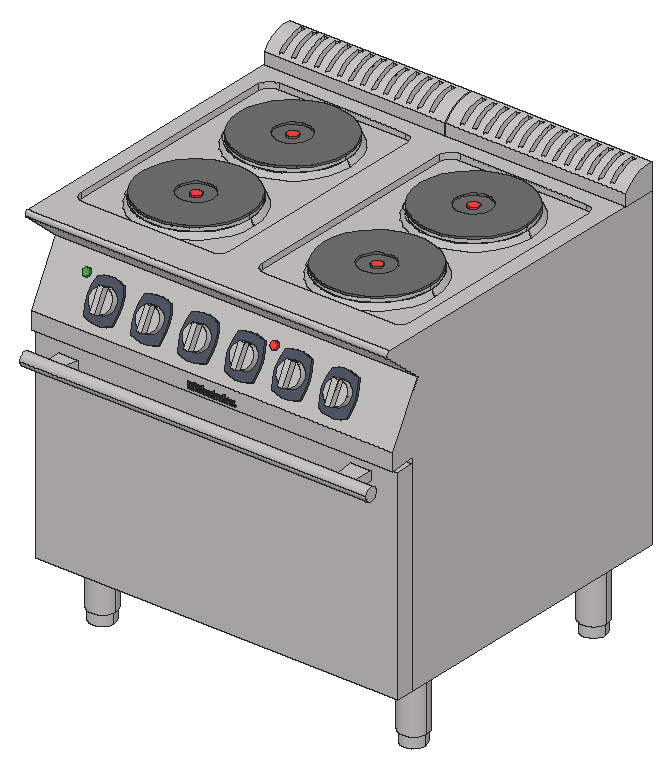
Revit family "QF_ELECTROLUXPROFESSIONAL_371016_E7ECEH4RE0", category Specialty Equipment, Revit 2018 (continued)
Automatic sketch dimensions
  Extrusion 10 sketch curve to Extrusion 10 sketch curve = 2.51 mm
  Extrusion 10 sketch curve to Extrusion 10 sketch curve = 0.187 mm
  Extrusion 10 sketch curve to Extrusion 10 sketch curve = 2.559 mm
  Extrusion 10 sketch curve to Extrusion 10 sketch curve = 1.556 mm
  Extrusion 10 sketch curve to Extrusion 10 sketch curve = 0.222 mm
  Extrusion 10 sketch curve to Extrusion 10 sketch curve = 1.383 mm
  Extrusion 10 sketch curve to Extrusion 10 sketch curve = 3.114 mm
  Extrusion 10 sketch curve to Extrusion 10 sketch curve = 3.376 mm
  Extrusion 10 sketch curve to Extrusion 10 sketch curve = 0.934 mm
  Extrusion 10 sketch curve to Extrusion 10 sketch curve = 0.191 mm
  Extrusion 10 sketch curve to Extrusion 10 sketch curve = 3.696 mm
  Extrusion 10 sketch curve to Extrusion 10 sketch curve = 2.708 mm
  Extrusion 10 sketch curve to Extrusion 10 sketch curve = 3.333 mm
  Extrusion 10 sketch curve to Extrusion 10 sketch curve = 0.332 mm
  Extrusion 10 sketch curve to Extrusion 10 sketch curve = 1.087 mm
  Extrusion 10 sketch curve to Extrusion 10 sketch curve = 2.23 mm
  Extrusion 10 sketch curve to Extrusion 10 sketch curve = 2.757 mm
  Extrusion 10 sketch curve to Extrusion 10 sketch curve = 0.987 mm
  Extrusion 10 sketch curve to Extrusion 10 sketch curve = 1.529 mm
  Extrusion 10 sketch curve to Extrusion 10 sketch curve = 1.796 mm
  Extrusion 10 sketch curve to Extrusion 10 sketch curve = 2.859 mm
  Extrusion 10 sketch curve to Extrusion 10 sketch curve = 0.853 mm
  Extrusion 10 sketch curve to Extrusion 10 sketch curve = 1.241 mm
  Extrusion 10 sketch curve to Extrusion 10 sketch curve = 2.046 mm  (x2)
  Extrusion 10 sketch curve to Extrusion 10 sketch curve = 2.422 mm
  Extrusion 10 sketch curve to Extrusion 10 sketch curve = 0.27 mm  (x2)
  Extrusion 10 sketch curve to Extrusion 10 sketch curve = 0.69 mm
  Extrusion 10 sketch curve to Extrusion 10 sketch curve = 0.781 mm  (x2)
  Extrusion 10 sketch curve to Extrusion 10 sketch curve = 3.136 mm
  Extrusion 10 sketch curve to Extrusion 10 sketch curve = 1.767 mm
  Extrusion 10 sketch curve to Extrusion 10 sketch curve = 0.138 mm
  Extrusion 10 sketch curve to Extrusion 10 sketch curve = 0.777 mm
  Extrusion 10 sketch curve to Extrusion 10 sketch curve = 1.19 mm
  Extrusion 10 sketch curve to Extrusion 10 sketch curve = 0.782 mm
  Extrusion 10 sketch curve to Extrusion 10 sketch curve = 1.268 mm
  Extrusion 10 sketch curve to Extrusion 10 sketch curve = 0.422 mm  (x2)
  Extrusion 10 sketch curve to Extrusion 10 sketch curve = 1.559 mm
  Extrusion 10 sketch curve to Extrusion 10 sketch curve = 3.927 mm
  Extrusion 10 sketch curve to Extrusion 10 sketch curve = 0.983 mm
  Extrusion 10 sketch curve to Extrusion 10 sketch curve = 1.134 mm
  Extrusion 10 sketch curve to Extrusion 10 sketch curve = 0.094 mm
  Extrusion 10 sketch curve to Extrusion 10 sketch curve = 1.584 mm
  Extrusion 10 sketch curve to plane 7 "Center Y" = 1.327 mm
  Extrusion 10 sketch curve to Extrusion 10 sketch curve = 0.643 mm
  Extrusion 10 sketch curve to Extrusion 10 sketch curve = 0.916 mm
  Extrusion 10 sketch curve to Extrusion 10 sketch curve = 0.352 mm
  Extrusion 10 sketch curve to Extrusion 10 sketch curve = 0.458 mm
  Extrusion 10 sketch curve to Extrusion 10 sketch curve = 1.282 mm
  Extrusion 10 sketch curve to Extrusion 10 sketch curve = 1.363 mm
  Extrusion 10 sketch curve to Extrusion 10 sketch curve = 0.685 mm
  Extrusion 10 sketch curve to Extrusion 10 sketch curve = 0.905 mm
  Extrusion 10 sketch curve to Extrusion 10 sketch curve = 2.865 mm
  Extrusion 10 sketch curve to Extrusion 10 sketch curve = 0.472 mm
  Extrusion 10 sketch curve to Extrusion 10 sketch curve = 0.101 mm
  Extrusion 10 sketch curve to Extrusion 10 sketch curve = 0.54 mm
  Extrusion 10 sketch curve to Extrusion 10 sketch curve = 0.02 mm
  Extrusion 10 sketch curve to Extrusion 10 sketch curve = 0.468 mm
  Extrusion 10 sketch curve to Extrusion 10 sketch curve = 0.829 mm
  Extrusion 10 sketch curve to Extrusion 10 sketch curve = 0.582 mm
  Extrusion 10 sketch curve to Extrusion 10 sketch curve = 0.166 mm
  Extrusion 10 sketch curve to Extrusion 10 sketch curve = 0.16 mm
  Extrusion 10 sketch curve to Extrusion 10 sketch curve = 2.781 mm
  Extrusion 10 sketch curve to Extrusion 10 sketch curve = 1.118 mm
  Extrusion 10 sketch curve to Extrusion 10 sketch curve = 0.613 mm
  Extrusion 10 sketch curve to Extrusion 10 sketch curve = 0.361 mm
  Extrusion 10 sketch curve to Extrusion 10 sketch curve = 0.897 mm
  Extrusion 10 sketch curve to Extrusion 10 sketch curve = 0.167 mm
  Extrusion 10 sketch curve to Extrusion 10 sketch curve = 0.292 mm
  Extrusion 10 sketch curve to Extrusion 10 sketch curve = 0.305 mm
  Extrusion 10 sketch curve to Extrusion 10 sketch curve = 1.557 mm
  Extrusion 10 sketch curve to Extrusion 10 sketch curve = 2.499 mm
  Extrusion 10 sketch curve to Extrusion 10 sketch curve = 3.062 mm
  Extrusion 10 sketch curve to Extrusion 10 sketch curve = 2.968 mm
  Extrusion 10 sketch curve to Extrusion 10 sketch curve = 5.044 mm
  Extrusion 10 sketch curve to Extrusion 10 sketch curve = 0.629 mm  (x2)
  Extrusion 10 sketch curve to Extrusion 10 sketch curve = 1.131 mm
  Extrusion 10 sketch curve to Extrusion 10 sketch curve = 0.027 mm
  Extrusion 10 sketch curve to Extrusion 10 sketch curve = 2.235 mm
  Extrusion 1 sketch curve to plane 5 "FRONT" = 83.331 mm
  Extrusion 16 sketch curve to plane 10 = 0 mm
  Extrusion 16 sketch curve to plane 5 "FRONT" = 30.162 mm
  plane 10 to Extrusion 16 sketch curve = 1.281 mm
  plane 5 "FRONT" to Extrusion 16 sketch curve = 379.413 mm
  Extrusion 1 sketch curve to Extrusion 1 sketch curve = 159.719 mm
  Extrusion 1 sketch curve to Extrusion 1 sketch curve = 5.61 mm
  Extrusion 8 sketch curve to plane 9 "TOP A" = 276.291 mm
  plane 7 "Center Y" to Extrusion 10 sketch curve = 19.326 mm
  Extrusion 10 sketch curve to plane 9 "TOP A" = 240.749 mm
  Extrusion 10 sketch curve to Extrusion 10 sketch curve = 0.019 mm
  Extrusion 10 sketch curve to Extrusion 10 sketch curve = 4.098 mm
  Extrusion 16 sketch curve to Extrusion 16 sketch curve = 42.109 mm
  plane 5 "FRONT" to Extrusion 2 sketch curve = 0 mm  (x2)
  plane 1 "BACK" to Extrusion 2 sketch curve = 0 mm
  Extrusion 2 sketch curve to plane 3 "LEFT" = 0 mm
  Extrusion 2 sketch curve to plane 4 "RIGHT" = 0 mm
  Extrusion 2 sketch curve to plane 3 "LEFT" = 150.019 mm
  plane 4 "RIGHT" to Extrusion 2 sketch curve = 150.019 mm
  Extrusion 2 sketch curve to plane 1 "BACK" = 150.019 mm
  curve 6 to plane 4 "RIGHT" = 0 mm
  plane 5 "FRONT" to curve 20 = 0 mm
  curve 38 to plane 7 "Center Y" = 0 mm
  curve 16 to plane 7 "Center Y" = 0 mm
  curve 11 to plane 3 "LEFT" = 0 mm
  curve 7 to plane 3 "LEFT" = 0 mm
  plane 1 "BACK" to curve 6 = 0 mm
  plane 4 "RIGHT" to curve 3 = 150.019 mm
  plane 5 "FRONT" to curve 17 = 8.513 mm
  curve 17 to plane 4 "RIGHT" = 17.7 mm
  plane 1 "BACK" to curve 96 = 6.761 mm
  curve 96 to plane 4 "RIGHT" = 29.703 mm
  curve 32 to plane 4 "RIGHT" = 35.025 mm
  curve 95 to curve 95 = 9.296 mm
  plane 1 "BACK" to curve 99 = 6.761 mm
  curve 95 to curve 99 = 16.193 mm
  curve 33 to curve 33 = 25.4 mm
  curve 31 to curve 30 = 25.4 mm
  curve 15 to curve 20 = 43.281 mm
  curve 100 to curve 101 = 9.296 mm
  curve 101 to curve 105 = 16.193 mm
  curve 104 to curve 105 = 9.296 mm
  curve 20 to curve 21 = 36.854 mm
  curve 21 to curve 21 = 1.571 mm
  plane 1 "BACK" to curve 107 = 6.761 mm
  curve 103 to curve 107 = 16.193 mm
  curve 108 to curve 109 = 9.296 mm
  plane 1 "BACK" to curve 111 = 6.761 mm
  curve 107 to curve 111 = 16.193 mm
  curve 111 to curve 114 = 9.296 mm
  plane 1 "BACK" to curve 115 = 6.761 mm
  curve 111 to curve 115 = 16.193 mm
  curve 115 to curve 115 = 9.296 mm
  plane 1 "BACK" to curve 119 = 6.761 mm
  curve 115 to curve 119 = 16.193 mm
  curve 119 to curve 119 = 9.296 mm
  plane 1 "BACK" to curve 123 = 6.761 mm
  curve 119 to curve 123 = 16.193 mm
  curve 123 to curve 123 = 9.296 mm
  curve 125 to curve 128 = 16.193 mm
  curve 128 to curve 129 = 9.296 mm
  curve 129 to curve 133 = 16.193 mm
  curve 132 to curve 133 = 9.296 mm
  plane 1 "BACK" to curve 135 = 6.761 mm
  curve 131 to curve 135 = 16.193 mm
  curve 135 to curve 138 = 9.296 mm
  curve 137 to curve 141 = 16.193 mm
  curve 140 to curve 141 = 9.296 mm
  curve 141 to curve 144 = 16.193 mm
  curve 144 to curve 37 = 4.062 mm
  plane 7 "Center Y" to curve 34 = 60.425 mm
  curve 143 to curve 143 = 9.296 mm
  plane 1 "BACK" to curve 147 = 6.761 mm
  curve 143 to curve 147 = 16.193 mm
  curve 35 to curve 35 = 25.4 mm
  curve 148 to curve 150 = 9.296 mm
  plane 1 "BACK" to curve 91 = 6.761 mm
  curve 91 to plane 7 "Center Y" = 29.703 mm
  curve 24 to plane 7 "Center Y" = 35.025 mm
  curve 91 to curve 91 = 9.296 mm
  plane 1 "BACK" to curve 90 = 6.761 mm
  curve 91 to curve 90 = 16.193 mm
  curve 23 to curve 23 = 25.4 mm
  curve 25 to curve 25 = 25.4 mm
  curve 89 to curve 89 = 9.296 mm
  plane 1 "BACK" to curve 83 = 6.761 mm
  curve 87 to curve 83 = 16.193 mm
  curve 85 to curve 85 = 9.296 mm
  plane 1 "BACK" to curve 79 = 6.761 mm
  curve 83 to curve 79 = 16.193 mm
  curve 79 to curve 80 = 9.296 mm
  plane 1 "BACK" to curve 78 = 6.761 mm
  curve 79 to curve 78 = 16.193 mm
  curve 75 to curve 76 = 9.296 mm
  curve 76 to curve 73 = 16.193 mm
  curve 71 to curve 72 = 9.296 mm
  curve 72 to curve 70 = 16.193 mm
  curve 69 to curve 68 = 9.296 mm
  curve 68 to curve 66 = 16.193 mm
  curve 65 to curve 64 = 9.296 mm
  curve 64 to curve 62 = 16.193 mm
  curve 61 to curve 60 = 9.296 mm
  plane 1 "BACK" to curve 58 = 6.761 mm
  curve 59 to curve 58 = 16.193 mm
  curve 57 to curve 56 = 9.296 mm
  plane 1 "BACK" to curve 54 = 6.761 mm
  curve 55 to curve 54 = 16.193 mm
  curve 53 to curve 52 = 9.296 mm
  curve 19 to curve 5 = 99.406 mm
  curve 19 to curve 19 = 1.571 mm
  plane 1 "BACK" to curve 50 = 6.761 mm
  curve 51 to curve 50 = 16.193 mm
  curve 47 to curve 47 = 9.296 mm
  curve 48 to curve 46 = 16.193 mm
  curve 19 to curve 18 = 36.854 mm
  curve 45 to curve 29 = 4.062 mm
  plane 3 "LEFT" to curve 26 = 60.425 mm
  curve 45 to curve 44 = 9.296 mm
  curve 44 to curve 41 = 16.193 mm
  curve 27 to curve 27 = 25.4 mm
  curve 41 to curve 41 = 9.296 mm
  plane 3 "LEFT" to curve 17 = 17.7 mm
  plane 5 "FRONT" to curve 1 = 1.377 mm
  curve 1 to plane 3 "LEFT" = 150.019 mm
  curve 1 to plane 1 "BACK" = 150.019 mm
  plane 1 "BACK" to curve 146 = 6.761 mm
  plane 1 "BACK" to curve 142 = 6.761 mm
  plane 1 "BACK" to curve 134 = 6.761 mm
  plane 1 "BACK" to curve 130 = 6.761 mm
  plane 1 "BACK" to curve 106 = 6.761 mm
  plane 1 "BACK" to curve 39 = 6.761 mm
  plane 1 "BACK" to curve 74 = 6.761 mm
  plane 1 "BACK" to curve 43 = 6.761 mm
  plane 1 "BACK" to curve 70 = 6.761 mm
  plane 1 "BACK" to curve 66 = 6.761 mm
  plane 1 "BACK" to curve 62 = 6.761 mm
  curve 38 to curve 16 = 63.012 mm
  curve 4 to curve 7 = 63.012 mm
  curve 55 to curve 58 = 57.15 mm
  curve 54 to curve 56 = 0 mm
  curve 57 to curve 60 = 0 mm
  curve 50 to curve 52 = 0 mm
  curve 61 to curve 64 = 0 mm
  curve 46 to curve 48 = 0 mm
  curve 65 to curve 68 = 0 mm
  curve 42 to curve 44 = 0 mm
  curve 69 to curve 72 = 0 mm
  curve 16 to curve 149 = 0.898 mm
  curve 73 to curve 76 = 0 mm
  curve 148 to curve 146 = 0 mm
  curve 77 to curve 80 = 0 mm
  curve 144 to curve 142 = 0 mm
  curve 81 to curve 84 = 0 mm
  curve 140 to curve 138 = 0 mm
  curve 85 to curve 88 = 0 mm
  curve 136 to curve 134 = 0 mm
  curve 89 to curve 92 = 0 mm
  curve 132 to curve 130 = 0 mm
  curve 95 to curve 96 = 57.15 mm
  curve 100 to curve 97 = 0 mm
  curve 128 to curve 126 = 0 mm
  curve 104 to curve 101 = 0 mm
  curve 124 to curve 122 = 0 mm
  curve 108 to curve 105 = 0 mm
  curve 120 to curve 118 = 0 mm
  curve 112 to curve 109 = 0 mm
  curve 96 to curve 9 = 5.939 mm
  curve 7 to curve 9 = 0 mm
  curve 144 to curve 30 = 40.974 mm
  curve 45 to curve 22 = 40.974 mm
  curve 28 to plane 5 "FRONT" = 110.765 mm
  curve 24 to curve 36 = 0 mm
  plane 5 "FRONT" to curve 3 = 1.377 mm
  curve 15 to curve 15 = 28 mm
  curve 14 to curve 11 = 342.9 mm
  Revolve 4 sketch curve to level = 0 mm
  Revolve 4 sketch curve to plane 10 = 0 mm  (x2)
  level to Revolve 4 sketch curve = 25 mm
  Revolve 4 sketch curve to Revolve 4 sketch curve = 20 mm
  Revolve 4 sketch curve to plane 4 "RIGHT" = 26 mm
  Revolve 4 sketch curve to Revolve 4 sketch curve = 3.75 mm
  Revolve 4 sketch curve to Revolve 4 sketch curve = 30 mm
  Revolve 4 sketch curve to Revolve 4 sketch curve = 0 mm
  Revolve 6 sketch curve to level = 0 mm
  Revolve 6 sketch curve to plane 10 = 0 mm  (x2)
  level to Revolve 6 sketch curve = 25 mm
  plane 10 to Revolve 6 sketch curve = 20 mm
  Revolve 6 sketch curve to plane 4 "RIGHT" = 26 mm
  Revolve 6 sketch curve to Revolve 6 sketch curve = 3.75 mm
  Revolve 6 sketch curve to Revolve 6 sketch curve = 30 mm
  Revolve 6 sketch curve to Revolve 6 sketch curve = 0 mm
  Extrusion 9 sketch curve to plane 5 "FRONT" = 30.162 mm
  Extrusion 9 sketch curve to plane 4 "RIGHT" = 60.981 mm
  Extrusion 9 sketch curve to Extrusion 9 sketch curve = 33.993 mm
  Extrusion 9 sketch curve to Extrusion 9 sketch curve = 43.993 mm
  Extrusion 9 sketch curve to plane 5 "FRONT" = 17.462 mm
  plane 3 "LEFT" to Extrusion 9 sketch curve = 102.63 mm
  Extrusion 9 sketch curve to Extrusion 9 sketch curve = 7.656 mm
  Extrusion 9 sketch curve to Extrusion 9 sketch curve = 41.649 mm
  plane 5 "FRONT" to Extrusion 9 sketch curve = 24.013 mm  (x2)
  Extrusion 1 to Extrusion 11 sketch curve = 0 mm
  Extrusion 11 sketch curve to Extrusion 1 = 0 mm  (x2)
  Extrusion 1 to Extrusion 11 sketch curve = 12.7 mm
  Extrusion 1 to Extrusion 15 sketch curve = 40.417 mm
  Extrusion 1 to Extrusion 15 sketch curve = 85.751 mm
  Extrusion 32 sketch curve to plane 9 "TOP A" = 0 mm
  Extrusion 32 sketch curve to plane 1 "BACK" = 0 mm
  Extrusion 32 sketch curve to plane 6 "TOP" = 0 mm
  plane 1 "BACK" to Extrusion 32 sketch curve = 4.947 mm
  plane 9 "TOP A" to Extrusion 32 sketch curve = 25.4 mm
  plane 1 "BACK" to Extrusion 32 sketch curve = 69.85 mm
  Extrusion 1 to Extrusion 33 sketch curve = 6.761 mm  (x14)
  Extrusion 33 sketch curve to Extrusion 33 sketch curve = 57.15 mm
  Extrusion 33 sketch curve to Extrusion 33 sketch curve = 0 mm  (x13)
  Extrusion 1 to Extrusion 33 sketch curve = 29.703 mm
  Extrusion 33 sketch curve to Extrusion 33 sketch curve = 9.296 mm  (x14)
  Extrusion 33 sketch curve to Extrusion 33 sketch curve = 16.193 mm  (x13)
  Extrusion 1 to Extrusion 34 sketch curve = 35.025 mm
  Extrusion 34 sketch curve to Extrusion 34 sketch curve = 25.4 mm  (x6)
  Extrusion 34 sketch curve to Extrusion 34 sketch curve = 279.2 mm  (x2)
  Extrusion 34 sketch curve to Extrusion 1 = 103.443 mm
  Extrusion 34 sketch curve to Extrusion 34 sketch curve = 70.05 mm
  Extrusion 1 to Extrusion 34 sketch curve = 60.425 mm  (x2)
  Extrusion 34 sketch curve to Extrusion 1 = 78.043 mm
  Extrusion 1 to Extrusion 34 sketch curve = 130.285 mm
  Extrusion 34 sketch curve to Extrusion 34 sketch curve = 0 mm
  Extrusion 35 sketch curve to plane 9 "TOP A" = 0 mm
  Extrusion 35 sketch curve to plane 1 "BACK" = 0 mm
  Extrusion 35 sketch curve to plane 6 "TOP" = 0 mm
  plane 1 "BACK" to Extrusion 35 sketch curve = 4.947 mm
  plane 9 "TOP A" to Extrusion 35 sketch curve = 25.4 mm
  plane 1 "BACK" to Extrusion 35 sketch curve = 69.85 mm
  Extrusion 1 to Extrusion 36 sketch curve = 6.761 mm  (x14)
  Extrusion 36 sketch curve to Extrusion 36 sketch curve = 57.15 mm
  Extrusion 36 sketch curve to Extrusion 36 sketch curve = 0 mm  (x13)
  Extrusion 1 to Extrusion 36 sketch curve = 370.347 mm
  Extrusion 36 sketch curve to Extrusion 36 sketch curve = 9.296 mm  (x14)
  Extrusion 36 sketch curve to Extrusion 36 sketch curve = 16.193 mm  (x13)
  Extrusion 1 to Extrusion 37 sketch curve = 40.417 mm
  Extrusion 1 to Extrusion 37 sketch curve = 298.99 mm
  radius of Extrusion 13 sketch curve = 25.4 mm
  radius of Extrusion 14 sketch curve to Extrusion 13 = 0 mm  (x2)
  radius of Extrusion 18 sketch curve = 25.4 mm
  radius of Extrusion 19 sketch curve to Extrusion 18 = 0 mm  (x2)
  radius of Extrusion 21 sketch curve = 25.4 mm
  radius of Extrusion 22 sketch curve to Extrusion 21 = 0 mm  (x2)
  radius of Extrusion 24 sketch curve = 25.4 mm
  radius of Extrusion 25 sketch curve to Extrusion 24 = 0 mm  (x2)
  radius of Extrusion 27 sketch curve = 25.4 mm
  radius of Extrusion 28 sketch curve to Extrusion 27 = 0 mm  (x2)
  radius of Extrusion 30 sketch curve = 25.4 mm
  radius of Extrusion 31 sketch curve to Extrusion 30 = 0 mm  (x2)
  radius of Extrusion 8 sketch curve = 14 mm
  radius of Extrusion 7 sketch curve = 12.7 mm
  radius of Extrusion 15 sketch curve = 8 mm
  radius of Extrusion 37 sketch curve = 8 mm
Nested families
  nested 1: "371014_QF_Electrolux_HOT PLATES" at (72.525, -113.898, 838.3), type "371014_QF_Electrolux_HOT PLATES"
    with Type Mark "", Specification by User "", Revision Code "", Item Number "", Installed By "", Identify Quantity as Lot yes, Furnished By "", Foodservice Equipment Identifier yes
  nested 2: "371014_QF_Electrolux_HOT PLATES" at (72.525, -635.872, 838.3), type "371014_QF_Electrolux_HOT PLATES"
    with Type Mark "", Specification by User "", Revision Code "", Item Number "", Installed By "", Identify Quantity as Lot yes, Furnished By "", Foodservice Equipment Identifier yes
  nested 3: "371014_QF_Electrolux_HOT PLATES" at (727.575, -113.898, 838.3) x (-1, 0, 0) z (0, 0, 1), type "371014_QF_Electrolux_HOT PLATES"
    with Type Mark "", Specification by User "", Revision Code "", Item Number "", Installed By "", Identify Quantity as Lot yes, Furnished By "", Foodservice Equipment Identifier yes
  nested 4: "371014_QF_Electrolux_HOT PLATES" at (727.575, -635.872, 838.3) x (-1, 0, 0) z (0, 0, 1), type "371014_QF_Electrolux_HOT PLATES"
    with Type Mark "", Specification by User "", Revision Code "", Item Number "", Installed By "", Identify Quantity as Lot yes, Furnished By "", Foodservice Equipment Identifier yes
Connectors
  electrical at (752.475, -512.762, 150), driven by "Volts", driven by "Watts"
    settings: on Extrusion 7, index 1, voltage 400 V, apparent load 16400 VA, apparent load phase1 0 VA, apparent load phase2 0 VA, apparent load phase3 0 VA, power factor 1, load classification "Other", number of poles 1, system type 30, power factor state 1, is connector primary yes, connector utility no, sub classification motor no, connector description "Electrical Connection"
Definition of nested family "371014_QF_Electrolux_HOT PLATES"
  Parameters
    Width = 255 mm  # constant formula
    Weight in Pounds = 0
    URL Cutsheet = ""
    URL = ""
    Type Mark [instance] = ""
    Specification by User [instance] = ""
    Specification by Manufacturer = ""
    Serial Number = ""
    Seismic Rating = ""
    SMACNA No = ""
    Revision Code [instance] = ""
    Omniclass Number and Title = ""
    NAFEM Spec ID Number = ""
    Model = ""
    Masterspec = ""
    Manufacturer = ""
    Item Number [instance] = ""
    Installed By [instance] = ""
    Identify Quantity as Lot [instance] = yes
    Height = 23 mm  # constant formula
    Furnished By [instance] = ""
    Foodservice Equipment Identifier [instance] = yes
    Description = ""
    Depth = 255 mm  # constant formula
    CSI MasterFormat = ""
    CSI Master Format = ""
    Assembly Code = ""
  Reference planes
    plane 1 "BACK": y = 0
    plane 2: z = 0
    plane 3 "LEFT": x = 0
    plane 4 "RIGHT": x = 255
    plane 5 "FRONT": y = -255
    plane 6 "TOP": z = 23
    plane 7 "Center Y": x = 127.5
    plane 8 "Center X": y = -127.5
  Forms (mm)
    Extrusion 1, solid
      sketch origin (-72.525, 113.875, 19.181) x (1, 0, 0) y (0, 1, 0)
        loop
          circle (200.025, -241.375) r 117.925
        loop
          circle (200.025, -241.375) r 38.208
      from 0 to 3.819
    Extrusion 2, solid
      sketch origin (-72.525, 113.875, 19.181) x (1, 0, 0) y (0, 1, 0)
        loop
          circle (200.025, -241.375) r 11.669
      from 0 to 1.964
    Extrusion 3, solid
      sketch origin (-72.525, 113.875, 12.7) x (1, 0, 0) y (0, 1, 0)
        loop
          circle (200.025, -241.375) r 38.208
      from 0 to 6.481
    Blend 4, solid
      base sketch origin (-72.525, 113.875, 0) x (1, 0, 0) y (0, 1, 0)
        loop
          circle (200.025, -241.375) r 127.548
      top sketch origin (-72.525, 113.875, 0) x (1, 0, 0) y (0, 1, 0)
        loop
          circle (200.025, -241.375) r 120.402
      from 0 to 11.731
    Extrusion 5, solid
      sketch origin (-72.525, 113.875, 11.731) x (1, 0, 0) y (0, 1, 0)
        loop
          circle (200.025, -241.375) r 117.925
        loop
          circle (200.025, -241.375) r 39.808
      from 0 to 7.45
  Lines and regions (mm)
    symbolic lines
      curve 1: circle (127.5, -127.5, 0) r 11.669 normal (0, 0, 1)
      curve 2: circle (127.5, -127.5, 0) r 38.208 normal (0, 0, 1)
      curve 3: circle (127.5, -127.5, 0) r 120.402 normal (0, 0, 1)
      curve 4: circle (127.5, -127.5, 0) r 127.548 normal (0, 0, 1)
  Dimensions and locks
    equal spacing: plane 3 "LEFT", plane 7 "Center Y", plane 4 "RIGHT"
    "Width": plane 3 "LEFT" to plane 4 "RIGHT"
    equal spacing: plane 5 "FRONT", plane 8 "Center X", plane 1 "BACK"
    "Depth": plane 5 "FRONT" to plane 1 "BACK"
    plane 1 "BACK" to plane 5 "FRONT" = 255 mm
    "Height": plane 6 "TOP" to level
    aligned and locked: level to plane 2
  Automatic sketch dimensions
    Extrusion 3 sketch curve to plane 7 "Center Y" = 0 mm
    Extrusion 3 sketch curve to plane 8 "Center X" = 0 mm
    Blend 4 sketch curve to plane 7 "Center Y" = 0 mm  (x2)
    Blend 4 sketch curve to plane 8 "Center X" = 0 mm  (x2)
    curve 1 to curve 2 = 0 mm  (x2)
    curve 1 to curve 3 = 0 mm  (x2)
    curve 1 to curve 4 = 0 mm  (x2)
    curve 2 to curve 3 = 0 mm  (x2)
    curve 2 to curve 4 = 0 mm  (x2)
    curve 3 to curve 4 = 0 mm  (x2)
    curve 2 to plane 7 "Center Y" = 0 mm
    curve 2 to plane 8 "Center X" = 0 mm
    radius of Extrusion 1 sketch curve to Extrusion 5 = 0 mm
    radius of Extrusion 1 sketch curve to Extrusion 5 = 1.6 mm
    radius of Extrusion 2 sketch curve to Extrusion 3 = 26.539 mm
    radius of Extrusion 3 sketch curve = 38.208 mm
    radius of Blend 4 sketch curve = 127.548 mm
    radius of Blend 4 sketch curve = 120.402 mm
    radius of Extrusion 5 sketch curve to Blend 4 = 2.478 mm
    radius of Extrusion 5 sketch curve to Blend 4 = 80.594 mm
    radius of curve 1 = 11.669 mm
    radius of curve 2 = 38.208 mm
    radius of curve 3 = 120.402 mm
    radius of curve 4 = 127.548 mm
